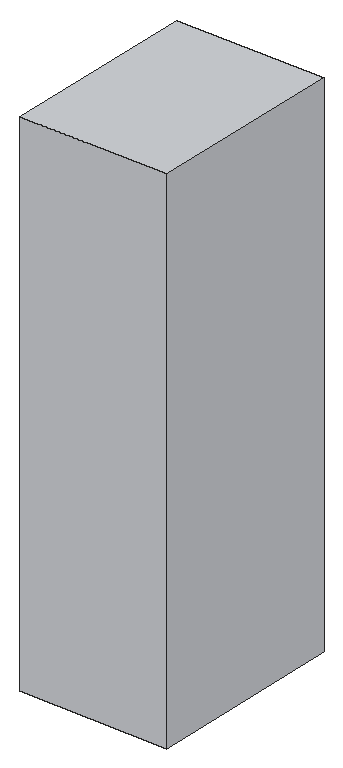
Revit family "SCADA_機櫃_Dynamo建_PLC_v3", category 電氣設備, Revit 2025
Family settings
  面板規劃 = 兩欄，回路穿越
  圓形接點標註 = 使用直徑
  組件類型 = 分電盤
  OmniClass 編號 = 23.80.30.11.17
  OmniClass 標題 = Distribution Boards and Control Panels
  以工作平面為基礎 = 否
  總是垂直 = 是
  載入時使用空心切割 = 否
  維持標註方位 = 否
  共用 = 否
  房間計算點 = 否
Parameters (values of type "PLC機櫃")
  built-in parameter 1155100 [instance] = -1
  預設高程 = 0 mm
  銘牌編號 [instance] = "XXX00000"
  維護空間深 = 0 mm
  機櫃_高 = 2100 mm
  機櫃_深 = 800 mm
  機櫃_寬 = 600 mm
  廠商聯絡電話 [instance] = ""
  廠商名稱 [instance] = ""
  序號 [instance] = ""
  尺寸依據 = "SoW V6 Rev.006"
  安裝日期 [instance] = ""
  型號 [instance] = ""
  built-in parameter 1140142 [instance] = -1
  備註 [instance] = ""
  保固期限 [instance] = ""
  built-in parameter 1140140 [instance] = 1 (stored number, unit not read)
Reference planes
  plane 1 "中心 (前/後)": y = 0
  plane 2: z = 0
  plane 3 "中心 (左/右)": x = 0
  plane 4 "機櫃_左": x = -300
  plane 5 "機櫃_右": x = 300
  plane 6 "機櫃_前": y = -400
  plane 7 "機櫃_後": y = 400
  plane 8 "機櫃_頂": z = 2100
Forms (mm)
  Extrusion 1, solid
    sketch origin (0, 0, 0) x (1, 0, 0) y (0, 1, 0)
      loop
        line (-300, -400) -> (300, -400) -> (300, 400) -> (-300, 400) -> (-300, -400)
    from 0 to 2100
Lines and regions (mm)
  model lines
    curve 1: line (-300, -400, 0) -> (300, -400, 1050)
    curve 2: line (300, -400, 1050) -> (-300, -400, 2100)
    curve 3: arc (-300, -400, 0) -> (-124.264, -824.264, 0) -> (300, -1000, 0) r 600
    curve 4: line (300, -400, 0) -> (300, -1000, 0)
    curve 5: line (300, 400, 0) -> (-300, 400, 1050)
    curve 6: line (-300, 400, 1050) -> (300, 400, 2100)
    curve 7: arc (300, 400, 0) -> (124.264, 824.264, 0) -> (-300, 1000, 0) r 600
    curve 8: line (-300, 400, 0) -> (-300, 1000, 0)
Dimensions and locks
  "機櫃_寬": plane 4 "機櫃_左" to plane 5 "機櫃_右"
  equal spacing: plane 4 "機櫃_左", plane 3 "中心 (左/右)", plane 5 "機櫃_右"
  "機櫃_深": plane 6 "機櫃_前" to plane 7 "機櫃_後"
  equal spacing: plane 6 "機櫃_前", plane 1 "中心 (前/後)", plane 7 "機櫃_後"
  "機櫃_高": level to plane 8 "機櫃_頂"
  aligned and locked: level to plane 2
  aligned and locked: plane 4 "機櫃_左" to Extrusion 1
  aligned and locked: Extrusion 1 to plane 5 "機櫃_右"
  aligned and locked: Extrusion 1 to plane 6 "機櫃_前"
  aligned and locked: plane 7 "機櫃_後" to Extrusion 1
  aligned and locked: Extrusion 1 to plane 8 "機櫃_頂"
Automatic sketch dimensions
  Extrusion 1 sketch curve to plane 4 "機櫃_左" = 0 mm
  Extrusion 1 sketch curve to plane 5 "機櫃_右" = 0 mm
  Extrusion 1 sketch curve to plane 6 "機櫃_前" = 0 mm
  Extrusion 1 sketch curve to plane 7 "機櫃_後" = 0 mm
  plane 5 "機櫃_右" to curve 2 = 0 mm
  plane 4 "機櫃_左" to curve 2 = 0 mm
  curve 1 to level = 0 mm
  curve 1 to plane 4 "機櫃_左" = 0 mm
  curve 2 to plane 8 "機櫃_頂" = 0 mm
  level to curve 2 = 1050 mm
  curve 3 to plane 4 "機櫃_左" = 0 mm
  curve 8 to plane 4 "機櫃_左" = 0 mm
  curve 7 to plane 5 "機櫃_右" = 0 mm
  curve 4 to plane 5 "機櫃_右" = 0 mm
  curve 4 to plane 6 "機櫃_前" = 0 mm
  curve 3 to plane 6 "機櫃_前" = 0 mm
  curve 8 to plane 7 "機櫃_後" = 0 mm
  curve 7 to plane 7 "機櫃_後" = 0 mm  (x2)
  plane 4 "機櫃_左" to curve 7 = 0 mm
  curve 3 to plane 5 "機櫃_右" = 0 mm
  plane 6 "機櫃_前" to curve 3 = 0 mm
  plane 5 "機櫃_右" to curve 6 = 0 mm
  curve 5 to level = 0 mm
  curve 5 to plane 5 "機櫃_右" = 0 mm
  plane 4 "機櫃_左" to curve 6 = 0 mm
  curve 6 to plane 8 "機櫃_頂" = 0 mm
  level to curve 6 = 1050 mm
